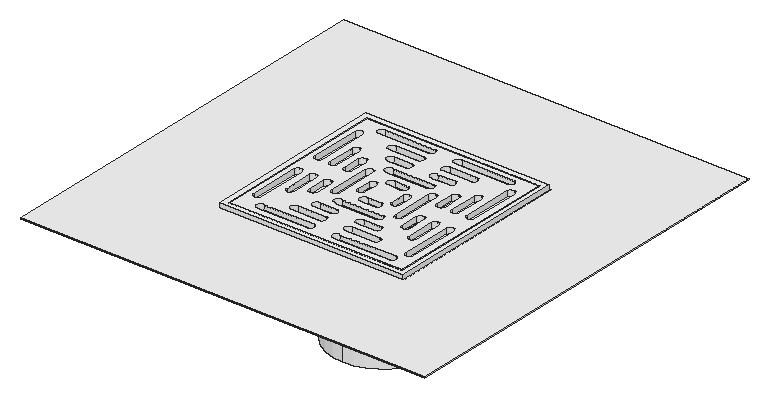
Revit family "F1100-ZS", category Plumbing Fixtures, host Face, Revit 2018
Family settings
  Host = Face
  Round Connector Dimension = Use Radius
  Part Type = Normal
  Cut with Voids When Loaded = No
  Shared = No
  Room Calculation Point = No
Parameters (values of type "F1100-ZS-Ø3"")
  WFU = 0
  URL = "WWW.MIFAB.COM"
  Pipe Radius = Pipe Diameter / 2  # 0' - 1 1/2"
  Pipe Diameter = 0' - 3"
  Model = "F1100-ZS"
  Manufacturer = "MIFAB"
  Floor Drain Material = Paint - Sherwin Williams Paint - #952C2A - Bellwood Red
  Description = "FLOOR DRAIN WITH SQUARE STRAINER AND ELASTOMERIC FLANGE FOR NON-MEMBRANE FLOOR AREAS"
  Default Elevation = 0' - 0"
  CWFU = 0
  BODY HEIGHT = 0' - 2 5/8"
  Assembly Code = ""
  ADJUSTMENT = 0' - 1 147/256"
Types (6): name | Pipe Radius | Pipe Diameter | BODY HEIGHT
  (no name) | 0' - 1 1/2" | 0' - 3" | 0' - 2 5/8"
  F1100-ZS-Ø2" | 0' - 1" | 0' - 2" | 0' - 2 1/4"
  F1100-ZS-Ø3" | 0' - 1 1/2" | 0' - 3" | 0' - 2 5/8"
  F1100-ZS-Ø4" | 0' - 2" | 0' - 4" | 0' - 2 5/8"
  F1100-ZS-Ø5" | 0' - 2 1/2" | 0' - 5" | 0' - 2 5/8"
  F1100-ZS-Ø6" | 0' - 3" | 0' - 6" | 0' - 2 5/8"
Reference planes (in)
  plane 1 "Center (Front/Back)": y = 0
  plane 2: z = 0
  plane 3 "Center (Left/Right)": x = 0
  plane 4: y = -1.5
  plane 5: y = 1.5
  plane 6: z = -1.57422
  plane 7: z = -1.82422
  plane 8: z = -4.19922
  plane 9: z = -0.25
  plane 10: z = -2.54577
  plane 11: z = -2.46313
  plane 12: y = -2.68
  plane 13: z = -2.63789
  plane 14: y = 3
  plane 15: y = -3
  plane 16: x = -3
  plane 17: x = 3
  plane 18: x = -6.625
  plane 19: x = 6.625
  plane 20: y = 6.625
  plane 21: y = -6.625
  plane 22: z = -1.95807
  plane 23: y = -2.24499
  plane 24: y = -2.09195
Forms (in)
  Revolve 1, solid, material "Paint - Sherwin Williams Paint - #952C2A - Bellwood Red" <- "Floor Drain Material"
    sketch origin (0, -109.78025, 5.25224) x (0, 1, 0) y (0, 0, 1)
      loop
        line (107.58925, -6.90646) -> (107.50925, -6.82646) -> (107.1433, -6.82646)
        arc (107.1433, -6.82646) -> (107.06061, -6.87613) -> (106.97791, -6.82646) r 0.09366
        line (106.97791, -6.82646) -> (106.21178, -6.82646)
        arc (106.21178, -6.82646) -> (106.12908, -6.87613) -> (106.04639, -6.82646) r 0.09366
        line (106.04639, -6.82646) -> (105.78025, -6.82646) -> (105.78025, -7.07646) -> (107.28025, -7.07646) -> (107.28025, -7.89013) -> (108.10057, -8.29608) -> (108.10057, -9.45146) -> (108.28025, -9.45146) -> (108.28025, -8.229) -> (107.46025, -7.82321) -> (107.46025, -7.07646) -> (107.50925, -7.07646) -> (107.58925, -6.99646) -> (107.58925, -6.90646)
      axis (109.78025, -9.45146) -> (109.78025, -6.82646)
    angle from 0 to 360
  Sweep 2, solid, material "Paint - Sherwin Williams Paint - #952C2A - Bellwood Red" <- "Floor Drain Material"
    path origin (0, 0, 0) x (1, 0, 0) y (0, 1, 0)
      loop
        line (3, 3) -> (-3, 3) -> (-3, -3) -> (3, -3) -> (3, 3)
    profile origin (0, 3, 0) x (0, 1, 0) y (0, 0, 1)
      loop
        line (0, 0) -> (-0.17347, 0) -> (-0.17347, -0.16327) -> (-1.56041, -0.16327) -> (-1.56041, -0.8299) -> (0, -0.40816) -> (0, 0)
  Revolve 3, solid, material "Paint - Sherwin Williams Paint - #952C2A - Bellwood Red" <- "Floor Drain Material"
    sketch origin (0, 0, 0) x (0, 1, 0) y (0, 0, 1)
      loop
        line (-2.24499, -1.87645) -> (-2.16337, -1.95807) -> (-2.09195, -1.95807) -> (-2.09195, -0.29836) -> (-2.24499, -0.29836) -> (-2.24499, -1.87645)
      axis (0, -1.95807) -> (0, -0.29836)
    angle from 0 to 360
  Sweep 4, solid, material "Paint - Sherwin Williams Paint - #952C2A - Bellwood Red" <- "Floor Drain Material"
    path origin (0, 0, 0) x (1, 0, 0) y (0, 1, 0)
      loop
        line (6.625, 6.625) -> (-6.625, 6.625) -> (-6.625, -6.625) -> (6.625, -6.625) -> (6.625, 6.625)
    profile origin (0, 6.625, 0) x (0, 1, 0) y (0, 0, 1)
      loop
        line (0, -0.125) -> (-3.625, -0.125) -> (-3.625, -0.40816) -> (-3.92883, -0.49028) -> (-3.92883, -0.52291) -> (-3.65193, -0.44807)
        arc (-3.65193, -0.44807) -> (-3.60979, -0.41981) -> (-3.5935, -0.37176) r 0.07905
        line (-3.5935, -0.37176) -> (-3.5935, -0.1565) -> (0, -0.1565) -> (0, -0.125)
  Revolve 5, solid, material "Paint - Sherwin Williams Paint - #952C2A - Bellwood Red" <- "Floor Drain Material"
    sketch origin (0, 0, 0) x (0, 1, 0) y (0, 0, 1)
      loop
        line (3.22953, -2.07936) -> (3.22953, -1.98105) -> (2.83839, -1.98105) -> (2.75953, -1.9022) -> (2.85953, -1.9022) -> (2.85953, -1.82422) -> (2.44953, -1.82422) -> (2.44953, -2.07936) -> (3.22953, -2.07936)
      axis (2.44953, -2.23105) -> (3.22953, -2.23105)
    angle from 0 to 360
Lines and regions (in)
  model lines, not visible
    curve 1: line (8.528, 13.95671, -10.86) -> (8.528, 15.70671, -10.86)
    curve 2: line (8.528, 15.70671, -10.86) -> (21.778, 15.70671, -10.86)
    curve 3: line (21.778, 15.70671, -10.86) -> (21.778, 13.95671, -10.86)
    curve 4: line (15.153, 15.70671, -10.86) -> (15.153, 16.95671, -10.86)
    curve 5: line (0, -4.65726, 0.76044) -> (0, -4.65726, 2.01044)
    curve 6: line (0, -4.65726, 2.01044) -> (0, -9.15726, 2.01044)
    curve 7: line (0, -9.15726, 2.01044) -> (0, -9.15726, 0.76044)
    curve 8: line (0, -6.90726, 2.01044) -> (0, -6.90726, 2.51044)
Dimensions and locks (in)
  equal spacing: plane 5, plane 1 "Center (Front/Back)", plane 4
  "Pipe Diameter": plane 5 to plane 4
  plane 1 "Center (Front/Back)" to plane 4 = 0' - 1 1/2"
  locked: plane 6 to plane 7 at 0.25
  "BODY HEIGHT": plane 6 to plane 8
  "ADJUSTMENT": plane 2 to plane 6
  locked: plane 9 to plane 2 at 0.25
  locked: plane 11 to plane 10 at 0.08264
  locked: plane 6 to plane 10 at 0.97155
  locked: Revolve 1 sketch curve to Revolve 1 sketch curve at 0.93152
  locked: plane 4 to Revolve 1 sketch curve at 0.17969
  locked: plane 7 to plane 13 at 0.81367
  equal spacing: plane 14, plane 1 "Center (Front/Back)", plane 15
  plane 14 to plane 15 = 0' - 6"
  equal spacing: plane 16, plane 3 "Center (Left/Right)", plane 17
  locked: plane 16 to plane 17 at 6
  plane 15 to plane 1 "Center (Front/Back)" to plane 14 = 0' - 3", 0' - 3"
  plane 15 to plane 14 = 0' - 6"
  equal spacing: plane 21, plane 1 "Center (Front/Back)", plane 20
  plane 21 to plane 20 = 1' - 1 1/4"
  plane 18 to plane 3 "Center (Left/Right)" to plane 19 = 0' - 6 5/8", 0' - 6 5/8"
  plane 18 to plane 19 = 1' - 1 1/4"
  locked: plane 6 to plane 22 at 0.38386
  plane 1 "Center (Front/Back)" to plane 24 to plane 23 = 0' - 2.09195" locked, 0' - 0.15304" locked
  plane 1 "Center (Front/Back)" to Revolve 1 sketch curve to Revolve 1 sketch curve = 0' - 2.32" locked, 0' - 0.18" locked
  aligned and locked: plane 2 to host face
  aligned and locked: level to host face
  aligned and locked: Revolve 1 sketch curve to plane 4
  aligned and locked: plane 13 to Revolve 1 sketch curve
  aligned and locked: plane 19 to Sweep 4 sketch curve
  aligned and locked: Sweep 4 sketch curve to plane 20
  aligned and locked: Sweep 4 sketch curve to plane 18
  aligned and locked: plane 21 to Sweep 4 sketch curve
  aligned and locked: plane 22 to Revolve 3 sketch curve  (x2)
  aligned and locked: Revolve 3 sketch curve to plane 23
  aligned and locked: plane 24 to Revolve 3 sketch curve
Automatic sketch dimensions
  host sketch curve to host sketch curve = 8' - 0"  (x2)
  Revolve 1 sketch curve to plane 6 = 0' - 0"  (x3)
  Revolve 1 sketch curve to plane 7 = 0' - 0"  (x2)
  Revolve 1 sketch curve to plane 1 "Center (Front/Back)" = 0' - 0"
  Revolve 1 sketch curve to plane 8 = 0' - 0"
  plane 6 to Revolve 1 sketch curve = 0' - 0.04399"  (x2)
  Revolve 1 sketch curve to Revolve 1 sketch curve = 0' - 0.08269"  (x2)
  Revolve 1 sketch curve to plane 13 = 0' - 0.40595"
  Revolve 1 sketch curve to Revolve 1 sketch curve = 0' - 0.06708"
  Revolve 1 sketch curve to plane 10 = 0' - 0.0252"
  plane 7 to Revolve 1 sketch curve = 0' - 0.08"
  Revolve 1 sketch curve to plane 6 = 0' - 0.08"
  Revolve 1 sketch curve to plane 8 = 0' - 3.43864"
  Revolve 1 sketch curve to Revolve 1 sketch curve = 0' - 1.64678"
  Revolve 1 sketch curve to plane 12 = 0' - 0.04304"
  Revolve 1 sketch curve to Revolve 1 sketch curve = 0' - 0.26614"
  Revolve 1 sketch curve to Revolve 1 sketch curve = 0' - 0.08"
  plane 15 to Sweep 2 sketch curve = 0' - 0"
  Sweep 2 sketch curve to plane 16 = 0' - 0"
  Sweep 2 sketch curve to plane 14 = 0' - 0"
  Sweep 2 sketch curve to plane 17 = 0' - 0"
  Sweep 4 sketch curve to profile plane = 0' - 0"
  Sweep 4 sketch curve to profile plane = 0' - 0.37176"
  profile plane to Sweep 4 sketch curve = 0' - 3.5935"
  Sweep 4 sketch curve to profile plane = 0' - 0.44807"
  Sweep 4 sketch curve to Sweep 4 sketch curve = 0' - 0.05842"
  Sweep 4 sketch curve to Sweep 4 sketch curve = 0' - 0.04755"
  Sweep 4 sketch curve to Sweep 4 sketch curve = 0' - 0.2769"
  Sweep 4 sketch curve to Sweep 4 sketch curve = 0' - 0.11852"
  Sweep 4 sketch curve to Sweep 4 sketch curve = 0' - 0.03263"
  Sweep 4 sketch curve to Sweep 4 sketch curve = 0' - 0.03641"
  Sweep 4 sketch curve to profile plane = 0' - 0.1565"
  Sweep 4 sketch curve to Sweep 4 sketch curve = 0' - 0.0315"
  Revolve 3 sketch curve to plane 1 "Center (Front/Back)" = 0' - 0"
  Revolve 3 sketch curve to Revolve 3 sketch curve = 0' - 0.07142"
  plane 9 to Revolve 3 sketch curve = 0' - 0.04836"
  level to Revolve 3 sketch curve = 0' - 0.38707"
  Revolve 3 sketch curve to Revolve 3 sketch curve = 0' - 0 1/4"
  Sweep 2 sketch curve to profile plane = 0' - 0"  (x2)
  profile plane to Sweep 2 sketch curve = 0' - 0.17347"
  Sweep 2 sketch curve to Sweep 2 sketch curve = 0' - 1.38694"
  Sweep 2 sketch curve to profile plane = 0' - 0.16327"
  Sweep 2 sketch curve to Sweep 2 sketch curve = 0' - 0.2449"
  Sweep 2 sketch curve to Sweep 2 sketch curve = 0' - 0.66663"
  Revolve 3 sketch curve to plane 7 = 0' - 0.05223"
  plane 23 to Revolve 1 sketch curve = 0' - 0.02602"  (x2)
  Revolve 5 sketch curve to plane 7 = 0' - 0"
  Revolve 5 sketch curve to plane 14 = 0' - 0.55047"
  Revolve 5 sketch curve to plane 7 = 0' - 0.07798"
  Revolve 5 sketch curve to plane 14 = 0' - 0.24047"
  Revolve 5 sketch curve to Revolve 5 sketch curve = 0' - 0.1"
  Revolve 5 sketch curve to Revolve 5 sketch curve = 0' - 0.02115"
  plane 14 to Revolve 5 sketch curve = 0' - 0.22953"
  Revolve 5 sketch curve to Revolve 5 sketch curve = 0' - 0.07885"
  Revolve 5 sketch curve to Revolve 5 sketch curve = 0' - 0"
  Revolve 5 sketch curve to Revolve 5 sketch curve = 0' - 0.15237"
  Revolve 5 sketch curve to Revolve 5 sketch curve = 0' - 0.15169"
  Revolve 5 sketch curve to Revolve 5 sketch curve = 0' - 0.09831"
Nested families (in)
  nested 1: "Jali-1" at (0.00036, -0.00036, 0), type "Jali-1"
Connectors (in)
  piping at (0, 0, -4.19922), diameter 3, driven by "Pipe Radius"
    settings: on Revolve 1, index 1, connector inside diameter 24", connector length 0' - 0", flow factor 0, pipe flow 0 GPM, pressure drop 0.00 psi, fitting loss kfactor 0, connector angle 0.00°, fixture units 0, engagement length 0' - 0", angle of deflection 0.00°, flow configuration 0, flow direction 0, fitting loss method 0, system type 7, joint type 0, gender type 0, connector reference index -1, connector utility 0, adjustable connector no, is connector primary yes, connector description ""
  piping at (0, 3.22953, -2.23105), diameter 0.5
    settings: on Revolve 5, index 2, connector inside diameter 24", connector length 0' - 0", flow factor 0, pipe flow 0 GPM, pressure drop 0.00 psi, fitting loss kfactor 0, connector angle 0.00°, fixture units 0, engagement length 0' - 0", angle of deflection 0.00°, flow configuration 0, flow direction 0, fitting loss method 0, system type 7, joint type 0, gender type 0, connector reference index -1, connector utility 0, adjustable connector no, is connector primary no, connector description ""
Definition of nested family "Jali-1"
  Parameters (values of type "Jali-1")
    Material = none
    Floor Drain Material = none
  Reference planes (in)
    plane 1 "Center (Front/Back)": y = 0
    plane 2: z = 0
    plane 3 "Center (Left/Right)": x = 0
    plane 4: x = -3
    plane 5: x = 3
    plane 6: y = -3
    plane 7: y = 3
  Forms (in)
    Extrusion 1, solid, material <- "Floor Drain Material"
      sketch origin (0, 0, 0) x (1, 0, 0) y (0, 1, 0)
        loop
          line (-2.82617, 2.82617) -> (-2.82617, -2.82617) -> (2.82617, -2.82617) -> (2.82617, 2.82617) -> (-2.82617, 2.82617)
        loop
          arc (0.43119, 2.62055) -> (0.29647, 2.48583) -> (0.43119, 2.35111) r 0.13472
          line (0.43119, 2.35111) -> (2.16008, 2.35111)
          arc (2.16008, 2.35111) -> (2.2948, 2.48583) -> (2.16008, 2.62055) r 0.13472
          line (2.16008, 2.62055) -> (0.43119, 2.62055)
        loop
          arc (0.43119, 2.13745) -> (0.29647, 2.00273) -> (0.43119, 1.86801) r 0.13472
          line (0.43119, 1.86801) -> (1.33519, 1.86801)
          arc (1.33519, 1.86801) -> (1.46991, 2.00273) -> (1.33519, 2.13745) r 0.13472
          line (1.33519, 2.13745) -> (0.43119, 2.13745)
        loop
          arc (0.43119, 1.65434) -> (0.29647, 1.51962) -> (0.43119, 1.3849) r 0.13472
          line (0.43119, 1.3849) -> (1.00152, 1.3849)
          arc (1.00152, 1.3849) -> (1.13624, 1.51962) -> (1.00152, 1.65434) r 0.13472
          line (1.00152, 1.65434) -> (0.43119, 1.65434)
        loop
          arc (-0.67173, 1.17124) -> (-0.80645, 1.03652) -> (-0.67173, 0.9018) r 0.13472
          line (-0.67173, 0.9018) -> (0.67173, 0.9018)
          arc (0.67173, 0.9018) -> (0.80645, 1.03652) -> (0.67173, 1.17124) r 0.13472
          line (0.67173, 1.17124) -> (-0.67173, 1.17124)
        loop
          line (-0.43119, 2.62055) -> (-2.06633, 2.62055)
          arc (-2.06633, 2.62055) -> (-2.20105, 2.48583) -> (-2.06633, 2.35111) r 0.13472
          line (-2.06633, 2.35111) -> (-0.43119, 2.35111)
          arc (-0.43119, 2.35111) -> (-0.29647, 2.48583) -> (-0.43119, 2.62055) r 0.13472
        loop
          line (-0.43119, 2.13745) -> (-1.33519, 2.13745)
          arc (-1.33519, 2.13745) -> (-1.46991, 2.00273) -> (-1.33519, 1.86801) r 0.13472
          line (-1.33519, 1.86801) -> (-0.43119, 1.86801)
          arc (-0.43119, 1.86801) -> (-0.29647, 2.00273) -> (-0.43119, 2.13745) r 0.13472
        loop
          line (-0.43119, 1.65434) -> (-1.00152, 1.65434)
          arc (-1.00152, 1.65434) -> (-1.13624, 1.51962) -> (-1.00152, 1.3849) r 0.13472
          line (-1.00152, 1.3849) -> (-0.43119, 1.3849)
          arc (-0.43119, 1.3849) -> (-0.29647, 1.51962) -> (-0.43119, 1.65434) r 0.13472
        loop
          line (0.43119, -2.62055) -> (2.25383, -2.62055)
          arc (2.25383, -2.62055) -> (2.38855, -2.48583) -> (2.25383, -2.35111) r 0.13472
          line (2.25383, -2.35111) -> (0.43119, -2.35111)
          arc (0.43119, -2.35111) -> (0.29647, -2.48583) -> (0.43119, -2.62055) r 0.13472
        loop
          line (0.43119, -2.13745) -> (1.33519, -2.13745)
          arc (1.33519, -2.13745) -> (1.46991, -2.00273) -> (1.33519, -1.86801) r 0.13472
          line (1.33519, -1.86801) -> (0.43119, -1.86801)
          arc (0.43119, -1.86801) -> (0.29647, -2.00273) -> (0.43119, -2.13745) r 0.13472
        loop
          line (0.43119, -1.65434) -> (1.00152, -1.65434)
          arc (1.00152, -1.65434) -> (1.13624, -1.51962) -> (1.00152, -1.3849) r 0.13472
          line (1.00152, -1.3849) -> (0.43119, -1.3849)
          arc (0.43119, -1.3849) -> (0.29647, -1.51962) -> (0.43119, -1.65434) r 0.13472
        loop
          line (-0.67173, -1.17124) -> (0.67173, -1.17124)
          arc (0.67173, -1.17124) -> (0.80645, -1.03652) -> (0.67173, -0.9018) r 0.13472
          line (0.67173, -0.9018) -> (-0.67173, -0.9018)
          arc (-0.67173, -0.9018) -> (-0.80645, -1.03652) -> (-0.67173, -1.17124) r 0.13472
        loop
          arc (-0.43119, -2.62055) -> (-0.29647, -2.48583) -> (-0.43119, -2.35111) r 0.13472
          line (-0.43119, -2.35111) -> (-2.06182, -2.35111)
          arc (-2.06182, -2.35111) -> (-2.19654, -2.48583) -> (-2.06182, -2.62055) r 0.13472
          line (-2.06182, -2.62055) -> (-0.43119, -2.62055)
        loop
          arc (-0.43119, -2.13745) -> (-0.29647, -2.00273) -> (-0.43119, -1.86801) r 0.13472
          line (-0.43119, -1.86801) -> (-1.33519, -1.86801)
          arc (-1.33519, -1.86801) -> (-1.46991, -2.00273) -> (-1.33519, -2.13745) r 0.13472
          line (-1.33519, -2.13745) -> (-0.43119, -2.13745)
        loop
          arc (-0.43119, -1.65434) -> (-0.29647, -1.51962) -> (-0.43119, -1.3849) r 0.13472
          line (-0.43119, -1.3849) -> (-1.00152, -1.3849)
          arc (-1.00152, -1.3849) -> (-1.13624, -1.51962) -> (-1.00152, -1.65434) r 0.13472
          line (-1.00152, -1.65434) -> (-0.43119, -1.65434)
        loop
          arc (-2.62055, 0.43119) -> (-2.48583, 0.29647) -> (-2.35111, 0.43119) r 0.13472
          line (-2.35111, 0.43119) -> (-2.35111, 2.06633)
          arc (-2.35111, 2.06633) -> (-2.48583, 2.20105) -> (-2.62055, 2.06633) r 0.13472
          line (-2.62055, 2.06633) -> (-2.62055, 0.43119)
        loop
          arc (-2.13745, 0.43119) -> (-2.00273, 0.29647) -> (-1.86801, 0.43119) r 0.13472
          line (-1.86801, 0.43119) -> (-1.86801, 1.33519)
          arc (-1.86801, 1.33519) -> (-2.00273, 1.46991) -> (-2.13745, 1.33519) r 0.13472
          line (-2.13745, 1.33519) -> (-2.13745, 0.43119)
        loop
          arc (-1.65434, 0.43119) -> (-1.51962, 0.29647) -> (-1.3849, 0.43119) r 0.13472
          line (-1.3849, 0.43119) -> (-1.3849, 1.00152)
          arc (-1.3849, 1.00152) -> (-1.51962, 1.13624) -> (-1.65434, 1.00152) r 0.13472
          line (-1.65434, 1.00152) -> (-1.65434, 0.43119)
        loop
          arc (-1.17124, -0.67173) -> (-1.03652, -0.80645) -> (-0.9018, -0.67173) r 0.13472
          line (-0.9018, -0.67173) -> (-0.9018, 0.67173)
          arc (-0.9018, 0.67173) -> (-1.03652, 0.80645) -> (-1.17124, 0.67173) r 0.13472
          line (-1.17124, 0.67173) -> (-1.17124, -0.67173)
        loop
          arc (-0.68813, -0.22018) -> (-0.55341, -0.3549) -> (-0.41869, -0.22018) r 0.13472
          line (-0.41869, -0.22018) -> (-0.41869, 0.22018)
          arc (-0.41869, 0.22018) -> (-0.55341, 0.3549) -> (-0.68813, 0.22018) r 0.13472
          line (-0.68813, 0.22018) -> (-0.68813, -0.22018)
        loop
          line (-2.62055, -0.43119) -> (-2.62055, -2.06633)
          arc (-2.62055, -2.06633) -> (-2.48583, -2.20105) -> (-2.35111, -2.06633) r 0.13472
          line (-2.35111, -2.06633) -> (-2.35111, -0.43119)
          arc (-2.35111, -0.43119) -> (-2.48583, -0.29647) -> (-2.62055, -0.43119) r 0.13472
        loop
          line (-2.13745, -0.43119) -> (-2.13745, -1.33519)
          arc (-2.13745, -1.33519) -> (-2.00273, -1.46991) -> (-1.86801, -1.33519) r 0.13472
          line (-1.86801, -1.33519) -> (-1.86801, -0.43119)
          arc (-1.86801, -0.43119) -> (-2.00273, -0.29647) -> (-2.13745, -0.43119) r 0.13472
        loop
          line (-1.65434, -0.43119) -> (-1.65434, -1.00152)
          arc (-1.65434, -1.00152) -> (-1.51962, -1.13624) -> (-1.3849, -1.00152) r 0.13472
          line (-1.3849, -1.00152) -> (-1.3849, -0.43119)
          arc (-1.3849, -0.43119) -> (-1.51962, -0.29647) -> (-1.65434, -0.43119) r 0.13472
        loop
          line (2.62055, 0.43119) -> (2.62055, 2.06633)
          arc (2.62055, 2.06633) -> (2.48583, 2.20105) -> (2.35111, 2.06633) r 0.13472
          line (2.35111, 2.06633) -> (2.35111, 0.43119)
          arc (2.35111, 0.43119) -> (2.48583, 0.29647) -> (2.62055, 0.43119) r 0.13472
        loop
          line (2.13745, 0.43119) -> (2.13745, 1.33519)
          arc (2.13745, 1.33519) -> (2.00273, 1.46991) -> (1.86801, 1.33519) r 0.13472
          line (1.86801, 1.33519) -> (1.86801, 0.43119)
          arc (1.86801, 0.43119) -> (2.00273, 0.29647) -> (2.13745, 0.43119) r 0.13472
        loop
          line (1.65434, 0.43119) -> (1.65434, 1.00152)
          arc (1.65434, 1.00152) -> (1.51962, 1.13624) -> (1.3849, 1.00152) r 0.13472
          line (1.3849, 1.00152) -> (1.3849, 0.43119)
          arc (1.3849, 0.43119) -> (1.51962, 0.29647) -> (1.65434, 0.43119) r 0.13472
        loop
          line (1.17124, -0.67173) -> (1.17124, 0.67173)
          arc (1.17124, 0.67173) -> (1.03652, 0.80645) -> (0.9018, 0.67173) r 0.13472
          line (0.9018, 0.67173) -> (0.9018, -0.67173)
          arc (0.9018, -0.67173) -> (1.03652, -0.80645) -> (1.17124, -0.67173) r 0.13472
        loop
          arc (2.62055, -0.43119) -> (2.48583, -0.29647) -> (2.35111, -0.43119) r 0.13472
          line (2.35111, -0.43119) -> (2.35111, -2.06633)
          arc (2.35111, -2.06633) -> (2.48583, -2.20105) -> (2.62055, -2.06633) r 0.13472
          line (2.62055, -2.06633) -> (2.62055, -0.43119)
        loop
          arc (2.13745, -0.43119) -> (2.00273, -0.29647) -> (1.86801, -0.43119) r 0.13472
          line (1.86801, -0.43119) -> (1.86801, -1.33519)
          arc (1.86801, -1.33519) -> (2.00273, -1.46991) -> (2.13745, -1.33519) r 0.13472
          line (2.13745, -1.33519) -> (2.13745, -0.43119)
        loop
          arc (1.65434, -0.43119) -> (1.51962, -0.29647) -> (1.3849, -0.43119) r 0.13472
          line (1.3849, -0.43119) -> (1.3849, -1.00152)
          arc (1.3849, -1.00152) -> (1.51962, -1.13624) -> (1.65434, -1.00152) r 0.13472
          line (1.65434, -1.00152) -> (1.65434, -0.43119)
        loop
          line (0.68813, -0.22018) -> (0.68813, 0.22018)
          arc (0.68813, 0.22018) -> (0.55341, 0.3549) -> (0.41869, 0.22018) r 0.13472
          line (0.41869, 0.22018) -> (0.41869, -0.22018)
          arc (0.41869, -0.22018) -> (0.55341, -0.3549) -> (0.68813, -0.22018) r 0.13472
        loop
          arc (0.22018, -0.68813) -> (0.3549, -0.55341) -> (0.22018, -0.41869) r 0.13472
          line (0.22018, -0.41869) -> (-0.22018, -0.41869)
          arc (-0.22018, -0.41869) -> (-0.3549, -0.55341) -> (-0.22018, -0.68813) r 0.13472
          line (-0.22018, -0.68813) -> (0.22018, -0.68813)
        loop
          line (0.22018, 0.68813) -> (-0.22018, 0.68813)
          arc (-0.22018, 0.68813) -> (-0.3549, 0.55341) -> (-0.22018, 0.41869) r 0.13472
          line (-0.22018, 0.41869) -> (0.22018, 0.41869)
          arc (0.22018, 0.41869) -> (0.3549, 0.55341) -> (0.22018, 0.68813) r 0.13472
      from -0.16406 to 0
  Lines and regions (in)
    model lines, not visible
      curve 1: line (5.54183, 5.0631, 0) -> (5.54183, 5.8131, 0)
      curve 2: line (5.54183, 5.8131, 0) -> (11.19417, 5.8131, 0)
      curve 3: line (11.19417, 5.8131, 0) -> (11.19417, 5.0631, 0)
      curve 4: line (8.368, 5.8131, 0) -> (8.368, 6.5631, 0)
  Dimensions and locks (in)
    plane 4 to plane 3 "Center (Left/Right)" to plane 5 = 0' - 3", 0' - 3"
    aligned and locked: level to plane 2
